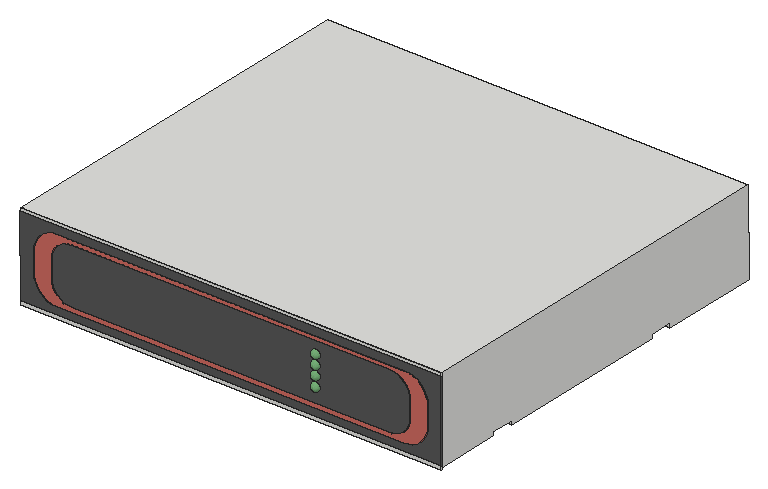
Revit family "Electronics_Controls_Biamp_Tesira_Logic-Control-and-Interface-Expander_EX-LOGIC__", category Communication Devices, host Face, Revit 2020
Family settings
  Host = Face
  Maintain Annotation Orientation = No
  Round Connector Dimension = Use Diameter
  Part Type = Normal
  OmniClass Number = 23.85.10.11.11
  OmniClass Title = Sound and Signal Devices
  Cut with Voids When Loaded = No
  Shared = No
  Room Calculation Point = No
Parameters (values of type "EX-LOGIC")
  Width = 0' - 8 1/2"
  Weight = 2.00 lbf  # constant formula
  Voltage = 0 V
  Rotation Angle [instance] = if(or([Nominal RMK-1], [Nominal RMK-2]), 0.00°, 90.00°)  # 90.00°
  Product data url = "https://www.bimobject.com/biamp/product/tesira-ex-logic_control"
  Power Factor = 1
  Offset Entourage X [instance] = if([Nominal RMK-1], 0' 4.4685", if([Nominal RMK-2], 0' 4.46063", if([Nominal UTMK-1], 0' 0", if(Nominal No mount, 0' 0", 0' 0"))))  # 0' - 0"
  UTMK-1 = UTMK-1 : UTMK-1
  URL = "https://www.biamp.com/"
  RMK-2 = RMK-2 : RMK-2
  Product Page URL = "https://www.biamp.com/products/tesira-controls#tesira-ex-logic"
  Product Documentation Link = "https://downloads.biamp.com/assets/docs/default-source/data-sheets/biamp_data_sheet_tesira_ex-logic_feb20.pdf"
  RMK-1 = RMK-1 : RMK-1
  Offset Entourage Y [instance] = if([Nominal RMK-1], 0' 3 7/8", if([Nominal RMK-2], 0' 0 125/128", if([Nominal UTMK-1], 0' 0", if(Nominal No mount, 0' 0", 0' 0"))))  # 0' - 0"
  Offset [instance] = if([Nominal RMK-1], 0' 0", if([Nominal RMK-2], 0' 0 5/64", if([Nominal UTMK-1], 0' 0 9/256", if(Nominal No mount, 0' 0", 0' 0"))))  # 0' - 0"
  Number of Poles = 1  # constant formula
  Nominal UTMK-1 [instance] = Mount Type = [UTMK-1]  # no
  Nominal RMK-2 [instance] = Mount Type = [RMK-2]  # no
  Nominal RMK-1 [instance] = Mount Type = [RMK-1]  # no
  Nominal No mount [instance] = Mount Type = No mount  # yes
  No mount = No mount : No mount
  Network Connection = "Ethernet"  # constant formula
  Mount Type [instance] = No mount : No mount
  Model = "Tesira EX-LOGIC"
  Max Power Consumption = 0 W
  Manufacturer = "Biamp"  # constant formula
  Logic Output Type = "Open Collector; Sink 40V/300mA per output"  # constant formula
  Logic Input Trigger = "Contact Closure or 5V TTL"  # constant formula
  LED Driver = "5V/10mA per output"  # constant formula
  Housing Material = Biamp - Metal - Silver
  Height = 0' - 1 3/4"
  Description = "Tesira® EX-LOGIC Logic Control and Interface Expander"  # constant formula
  Depth = 0' - 7 3/4"
  Default Elevation = 4' - 0"
  Connector Description = "PoE (IEEE 802.3at Class 1, 4W)"  # constant formula
  Compliance = "FCC Part 15B (USA); CE Marked* (Europe); RCM (Australia); EAC (Eurasian Customs Union); RoHS Directive (Europe)"  # constant formula
  Assembly Code = ""
  Apparent Load = Max Power Consumption / Power Factor  # 0 VA
Reference planes (in)
  plane 1 "Center (Front/Back)": y = 0
  plane 2: z = 0
  plane 3: x = 0
  plane 4: x = 4.25
  plane 5 "Center (Left/Right)": x = -4.25
  plane 6: y = 3.875
  plane 7: y = -3.875
  plane 8: z = 1.75
  plane 9: y = -3.875
  plane 10: y = -3.7704
  plane 11: y = 3.78125
  plane 12: z = 1.625
  plane 13 "2": z = 0
  plane 14: z = 1.50505
  plane 15: z = 0.30745
  plane 16: z = 1.37426
  plane 17: z = 0.99926
  plane 18: z = 0.88281
  plane 19: z = 0.19602
  plane 20: x = -0.84509
  plane 21: x = 3.69218
  plane 22: x = 3.30135
  plane 23: z = 0.53335
  plane 24: x = -4.70577
  plane 25: x = 13.63823
Lines and regions (in)
  symbolic lines, visible <- "Nominal RMK-1"
    curve 1: line (4.40636, -3.875, 0) -> (13.9683, -3.875, 0)
    curve 2: line (13.9683, -3.78994, 0) -> (4.40636, -3.78994, 0)
    curve 3: line (13.9683, -3.875, 0) -> (13.9683, -3.78994, 0)
  symbolic lines, visible <- "Nominal RMK-2"
    curve 4: line (13.28048, -3.7707, 0) -> (13.28048, -2.78889, 0)
    curve 5: line (13.17557, -2.78889, 0) -> (13.17557, -3.77036, 0)
    curve 6: line (13.17557, -2.78889, 0) -> (13.28048, -2.78889, 0)
    curve 7: arc (13.17557, -3.77036, 0) -> (13.21163, -3.85743, 0) -> (13.2987, -3.89349, 0) r 0.12313
    curve 8: line (13.92601, -3.78889, 0) -> (13.29794, -3.78889, 0)
    curve 9: line (13.92601, -3.89349, 0) -> (13.92601, -3.78889, 0)
    curve 10: line (13.2987, -3.89349, 0) -> (13.92601, -3.89349, 0)
    curve 11: arc (13.28048, -3.7707, 0) -> (13.28555, -3.78331, 0) -> (13.29794, -3.78889, 0) r 0.01821
  reference lines
    curve 12: line (-1.71783, -3.7704, 0) -> (-1.71783, -1.12457, 0)
Dimensions and locks (in)
  "Width": plane 5 "Center (Left/Right)" to plane 4
  equal spacing: plane 5 "Center (Left/Right)", plane 3, plane 4
  equal spacing: plane 7, plane 1 "Center (Front/Back)", plane 6
  "Depth": plane 6 to plane 7
  "Height": plane 8 to plane 13 "2"
  locked: plane 9 to plane 10 at 0.1046
  "Offset": plane 13 "2" to level
  locked: plane 16 to plane 17 at 0.375
  locked: plane 18 to plane 19 at 0.68679
  locked: plane 14 to plane 15 at 1.19761
  locked: plane 19 to plane 13 "2" at 0.19602
  locked: plane 15 to plane 13 "2" at 0.30745
  locked: plane 17 to plane 13 "2" at 0.99926
  locked: plane 12 to plane 13 "2" at 1.625
  plane 23 to plane 13 "2" = 0' - 0.53335"
  "Offset Entourage X": nested 1 to plane 3
  plane 8 to plane 13 "2" = 0' - 1 3/4"
  "Rotation Angle": angle curve 12 to plane 10
  aligned and locked: plane 2 to host face
  aligned and locked: level to host face
  aligned and locked: plane 5 "Center (Left/Right)" to nested 2
  aligned and locked: plane 4 to nested 2
  aligned and locked: plane 2 to curve 12
  aligned and locked: plane 10 to curve 12
Automatic sketch dimensions
  plane 7 to curve 1 = 0' - 0"
  curve 6 to plane 10 = 0' - 0.98151"
  curve 5 to curve 4 = 0' - 0.10491"
  curve 4 to curve 8 = 0' - 0.01746"
  plane 10 to curve 11 = 0' - 0.0003"
  curve 4 to curve 11 = 0' - 0.01821"
  curve 7 to plane 10 = 0' - 0.00004"
  curve 11 to curve 7 = 0' - 0"
  curve 7 to curve 10 = 0' - 0.62731"
  curve 9 to curve 3 = 0' - 0.04229"
  plane 10 to curve 3 = 0' - 0 5/256"
  host sketch curve to host sketch curve = 5' - 9.9283"
  host sketch curve to host sketch curve = 5' - 9.30298"
  plane 4 to curve 6 = 0' - 8.92557"
  plane 4 to curve 1 = 0' - 0.15636"
  curve 2 to curve 1 = 0' - 0"
Nested families (in)
  nested 1: "No mount" at (0, -3.875, 0), type <- "Mount Type", type "No mount"
  nested 2: "TESIRA EX" at (0, 0.06349, 0) x (-1, 0, 0) z (0, 0, 1), Offset <- "Offset", type "EX-AEC"
    with Offset 0' - 0"
Connectors (in)
  electrical at (3.14164, 3.90146, 0.57718), driven by "Number of Poles", driven by "Voltage", driven by "Apparent Load", driven by "Power Factor", driven by "Connector Description"
    settings: on nested 2, index 1, voltage 0 V, apparent load 0 VA, apparent load phase1 0 VA, apparent load phase2 0 VA, apparent load phase3 0 VA, power factor 1, load classification "Other", number of poles 1, system type 31, power factor state 1, is connector primary yes, connector utility no, sub classification motor no, connector description "PoE (IEEE 802.3at Class 1, 4W)"
  electrical at (-0.16631, 3.90146, 0.53245)
    settings: on nested 2, index 2, voltage 0 V, apparent load 0 VA, apparent load phase1 0 VA, apparent load phase2 0 VA, apparent load phase3 0 VA, power factor 1, load classification "Other", number of poles 1, system type 5, power factor state 1, is connector primary no, connector utility no, sub classification motor no, connector description "Logic I/O (x4)"
  electrical at (-1.29295, 3.90146, 0.53245)
    settings: on nested 2, index 3, voltage 0 V, apparent load 0 VA, apparent load phase1 0 VA, apparent load phase2 0 VA, apparent load phase3 0 VA, power factor 1, load classification "Other", number of poles 1, system type 5, power factor state 1, is connector primary no, connector utility no, sub classification motor no, connector description "Logic I/O (x4)"
  electrical at (-2.40389, 3.90146, 0.53245)
    settings: on nested 2, index 4, voltage 0 V, apparent load 0 VA, apparent load phase1 0 VA, apparent load phase2 0 VA, apparent load phase3 0 VA, power factor 1, load classification "Other", number of poles 1, system type 5, power factor state 1, is connector primary no, connector utility no, sub classification motor no, connector description "Logic I/O (x4)"
  electrical at (-3.52138, 3.90146, 0.53245)
    settings: on nested 2, index 5, voltage 0 V, apparent load 0 VA, apparent load phase1 0 VA, apparent load phase2 0 VA, apparent load phase3 0 VA, power factor 1, load classification "Other", number of poles 1, system type 5, power factor state 1, is connector primary no, connector utility no, sub classification motor no, connector description "Logic/VC I/O  (x4)"
  electrical at (1.66606, 3.90146, 0.57457)
    settings: on nested 2, index 6, voltage 0 V, apparent load 0 VA, apparent load phase1 0 VA, apparent load phase2 0 VA, apparent load phase3 0 VA, power factor 1, load classification "Other", number of poles 1, system type 5, power factor state 1, is connector primary no, connector utility no, sub classification motor no, connector description "Serial Control Port"
Definition of nested family "TESIRA EX"
  Parameters (values of type "EX-AEC")
    URL = "https://www.biamp.com"
    Product Page URL = "https://www.biamp.com/products/tesira-expanders#tesira-ex-aec"
    Product Documentation Link = "https://downloads.biamp.com/assets/docs/default-source/data-sheets/biamp_data_sheet_tesira_ex-in_ex-aec_ex-out_ex-io_feb20.pdf?sfvrsn=62e9f2f1_8"
    Offset [instance] = 0' - 0"
    Model = ""
    Material Case = none
    Manufacturer = ""
    Description = ""
    Default Elevation = 4' - 0"
    Assembly Code = "D5010.70"
  Reference planes (in)
    plane 1 "Center (Front/Back)": y = 0
    plane 2: z = 0
    plane 3 "Center (Left/Right)": x = 0
    plane 4: x = 4.25
    plane 5: x = -4.25
    plane 6: y = 3.875
    plane 7: y = -3.875
    plane 8: z = 1.75
    plane 9: y = -3.875
    plane 10: y = -3.75086
    plane 11: y = 3.78125
    plane 12 "1": x = -1.71783
    plane 13: y = 3.66314
    plane 14: x = -5.23425
    plane 15: z = 1.625
    plane 16: x = 5.23425
    plane 17 "2": z = 0
    plane 18: z = 1.50505
    plane 19: z = 0.30745
    plane 20: z = 1.37426
    plane 21: z = 0.99926
    plane 22: z = 0.88281
    plane 23: z = 0.19602
    plane 24: x = -0.84509
    plane 25: x = 3.69218
    plane 26: x = 3.30135
    plane 27: z = 0.53335
    plane 28: z = 0.0359
    plane 29: z = 0
  Forms (in)
    Extrusion 1, solid
      sketch origin (7.75, -5.25086, 0) x (1, 0, 0) y (0, 1, 0)
        loop
          line (-42.75, 40.25086) -> (-42.75, -29.05212) -> (27.1783, -29.05212) -> (27.1783, 40.25086) -> (-42.75, 40.25086)
      from 0 to -12
    Revolve 2, solid, detail levels fine
      sketch origin (-1.71783, 0, 0) x (0, 1, 0) y (0, 0, 1)
        loop
          line (3.875, 1.28781) -> (3.875, 1.12625)
          arc (3.875, 1.12625) -> (3.95578, 1.20703) -> (3.875, 1.28781) r 0.08078
        loop
          line (3.875, 1.0958) -> (3.875, 0.93174)
          arc (3.875, 0.93174) -> (3.95703, 1.01377) -> (3.875, 1.0958) r 0.08203
        loop
          line (3.875, 0.90124) -> (3.875, 0.73718)
          arc (3.875, 0.73718) -> (3.95703, 0.81921) -> (3.875, 0.90124) r 0.08203
        loop
          line (3.875, 0.69741) -> (3.875, 0.53335)
          arc (3.875, 0.53335) -> (3.95703, 0.61538) -> (3.875, 0.69741) r 0.08203
        axis (3.875, 1.28781) -> (3.875, 0.53335)
      angle from 270 to 450
    Extrusion 3, solid, material <- "Material Case", detail levels coarse
      sketch origin (0, 0, 0) x (-1, 0, 0) y (0, -1, 0)
        loop
          line (-4.25, 3.875) -> (-4.25, -3.875) -> (4.25, -3.875) -> (4.25, 3.875) -> (-4.25, 3.875)
      from 0.0359 to 1.75
    Extrusion 4, solid, material <- "Material Case", detail levels medium+fine
      sketch origin (0, 0, 0) x (-1, 0, 0) y (0, -1, 0)
        loop
          line (-4.25, 3.875) -> (-4.25, -3.85984) -> (4.25, -3.85984) -> (4.25, 3.875) -> (-4.25, 3.875)
      from 0.0359 to 1.75
    Extrusion 5, solid, detail levels medium+fine
      sketch origin (0, 0, 0) x (-1, 0, 0) y (0, 0, 1)
        loop
          line (-4.25, 1.69704) -> (-4.25, 0.06741) -> (4.25, 0.06741) -> (4.25, 1.69704) -> (-4.25, 1.69704)
        loop
          arc (-3.4999, 1.53477) -> (-3.84144, 1.3933) -> (-3.9829, 1.05176) r 0.48301
          line (-3.9829, 1.05176) -> (-3.9829, 0.70476)
          arc (-3.9829, 0.70476) -> (-3.84144, 0.36323) -> (-3.49991, 0.22176) r 0.483
          line (-3.49991, 0.22176) -> (3.49912, 0.22176)
          arc (3.49912, 0.22176) -> (3.84064, 0.36322) -> (3.98211, 0.70475) r 0.48299
          line (3.98211, 0.70475) -> (3.98211, 1.05176)
          arc (3.98211, 1.05176) -> (3.84064, 1.3933) -> (3.4991, 1.53477) r 0.48301
          line (3.4991, 1.53477) -> (-3.4999, 1.53477)
      from 3.85984 to 3.875
    Extrusion 6, solid, detail levels medium+fine
      sketch origin (-0.04049, 0, 0.02934) x (-1, 0, 0) y (0, 0, 1)
        loop
          line (3.45861, 1.50543) -> (-3.54039, 1.50543)
          arc (-3.54039, 1.50543) -> (-3.88193, 1.36396) -> (-4.0234, 1.02243) r 0.48301
          line (-4.0234, 1.02243) -> (-4.0234, 0.67542)
          arc (-4.0234, 0.67542) -> (-3.88193, 0.33389) -> (-3.5404, 0.19242) r 0.483
          line (-3.5404, 0.19242) -> (3.45862, 0.19242)
          arc (3.45862, 0.19242) -> (3.80015, 0.33389) -> (3.94162, 0.67542) r 0.48299
          line (3.94162, 0.67542) -> (3.94162, 1.02243)
          arc (3.94162, 1.02243) -> (3.80015, 1.36396) -> (3.45861, 1.50543) r 0.48301
        loop
          arc (-3.25038, 1.42543) -> (-3.54242, 1.30446) -> (-3.66339, 1.01242) r 0.41301
          line (-3.66339, 1.01242) -> (-3.66339, 0.68543)
          arc (-3.66339, 0.68543) -> (-3.54242, 0.39339) -> (-3.25038, 0.27242) r 0.41301
          line (-3.25038, 0.27242) -> (3.1686, 0.27242)
          arc (3.1686, 0.27242) -> (3.46065, 0.39339) -> (3.58162, 0.68543) r 0.41301
          line (3.58162, 0.68543) -> (3.58162, 1.01242)
          arc (3.58162, 1.01242) -> (3.46065, 1.30446) -> (3.16861, 1.42543) r 0.413
          line (3.16861, 1.42543) -> (-3.25038, 1.42543)
      from 3.85984 to 3.875
    Extrusion 7, solid, detail levels medium+fine
      sketch origin (-0.04049, 0, 0.02934) x (-1, 0, 0) y (0, 0, 1)
        loop
          arc (3.58162, 1.01242) -> (3.46065, 1.30446) -> (3.16861, 1.42543) r 0.413
          line (3.16861, 1.42543) -> (-3.25038, 1.42543)
          arc (-3.25038, 1.42543) -> (-3.54242, 1.30446) -> (-3.66339, 1.01242) r 0.41301
          line (-3.66339, 1.01242) -> (-3.66339, 0.68543)
          arc (-3.66339, 0.68543) -> (-3.54242, 0.39339) -> (-3.25038, 0.27242) r 0.41301
          line (-3.25038, 0.27242) -> (3.1686, 0.27242)
          arc (3.1686, 0.27242) -> (3.46065, 0.39339) -> (3.58162, 0.68543) r 0.41301
          line (3.58162, 0.68543) -> (3.58162, 1.01242)
      from 3.85984 to 3.875
    Extrusion 8, solid, material <- "Material Case", detail levels medium+fine
      sketch origin (0, 0, 0) x (-1, 0, 0) y (0, 0, 1)
        loop
          line (-4.25, 1.69704) -> (4.25, 1.69704) -> (4.25, 1.75) -> (-4.25, 1.75) -> (-4.25, 1.69704)
        loop
          line (4.25, 0.06741) -> (-4.25, 0.06741) -> (-4.25, 0) -> (4.25, 0) -> (4.25, 0.06741)
      from 3.85984 to 3.875
    Extrusion 9, void
      sketch origin (0, 0, 0) x (0, -1, 0) y (0, 0, 1)
        loop
          line (-2.57251, 0.11558) -> (-2.57251, 0) -> (-2.10251, 0) -> (-2.10251, 0.11558) -> (-2.57251, 0.11558)
      from 3.70572 to 4.25
    Extrusion 10, void
      sketch origin (0, -4, 0) x (0, -1, 0) y (0, 0, 1)
        loop
          line (-2.57251, 0.11558) -> (-2.57251, 0) -> (-2.10251, 0) -> (-2.10251, 0.11558) -> (-2.57251, 0.11558)
      from 3.70572 to 4.25
    Extrusion 11, void
      sketch origin (0, 0, 0) x (0, -1, 0) y (0, 0, -1)
        loop
          line (-2.57251, -0.11558) -> (-2.10251, -0.11558) -> (-2.10251, 0) -> (-2.57251, 0) -> (-2.57251, -0.11558)
      from 3.70572 to 4.25
    Extrusion 12, void
      sketch origin (0, -4, 0) x (0, -1, 0) y (0, 0, -1)
        loop
          line (-2.57251, -0.11558) -> (-2.10251, -0.11558) -> (-2.10251, 0) -> (-2.57251, 0) -> (-2.57251, -0.11558)
      from 3.70572 to 4.25
    Extrusion 13, void
      sketch origin (-0.07164, -7.70634, 0) x (-1, 0, 0) y (0, 0, -1)
        loop
          line (3.42, -0.85261) -> (3.42, -0.30176) -> (2.72, -0.30176) -> (2.72, -0.85261) -> (3.42, -0.85261)
        loop
          line (0.26205, -0.75745) -> (0.26205, -0.30745) -> (-0.73795, -0.30745) -> (-0.73795, -0.75745) -> (0.26205, -0.75745)
        loop
          line (-0.86459, -0.75745) -> (-0.86459, -0.30745) -> (-1.86459, -0.30745) -> (-1.86459, -0.75745) -> (-0.86459, -0.75745)
        loop
          line (-3.09302, -0.75745) -> (-3.09302, -0.30745) -> (-4.09302, -0.30745) -> (-4.09302, -0.75745) -> (-3.09302, -0.75745)
        loop
          line (-1.97553, -0.75745) -> (-1.97553, -0.30745) -> (-2.97553, -0.30745) -> (-2.97553, -0.75745) -> (-1.97553, -0.75745)
        loop
          arc (1.86429, -0.75745) -> (1.92449, -0.72611) -> (1.93335, -0.65883) r 0.07349
          line (1.93335, -0.65883) -> (1.86304, -0.46566)
          arc (1.86304, -0.46566) -> (1.83587, -0.43024) -> (1.7933, -0.41682) r 0.07422
          line (1.7933, -0.41682) -> (1.39519, -0.41682)
          arc (1.39519, -0.41682) -> (1.35262, -0.43024) -> (1.32545, -0.46566) r 0.07422
          line (1.32545, -0.46566) -> (1.2555, -0.65785)
          arc (1.2555, -0.65785) -> (1.26445, -0.7258) -> (1.32524, -0.75745) r 0.07422
          line (1.32524, -0.75745) -> (1.86429, -0.75745)
      from -3.79859 to -3.86836
  Cuts and joins
    Extrusion 9, Extrusion 10, Extrusion 11, Extrusion 12, Extrusion 13 cuts Extrusion 4
  Lines and regions (in)
    Masking region 1
      outline origin (0, 0, 0) x (1, 0, 0) y (0, 1, 0)
        loop
          line (-4.25, 3.875) -> (-4.25, -3.875) -> (4.25, -3.875) -> (4.25, 3.875) -> (-4.25, 3.875)
  Dimensions and locks (in)
    plane 5 to plane 4 = 0' - 8 1/2"
    equal spacing: plane 5, plane 3 "Center (Left/Right)", plane 4
    equal spacing: plane 7, plane 1 "Center (Front/Back)", plane 6
    plane 6 to plane 7 = 0' - 7 3/4"
    plane 8 to plane 17 "2" = 0' - 1 3/4"
    locked: plane 6 to plane 11 at 0.09375
    locked: plane 9 to plane 10 at 0.12414
    locked: plane 11 to plane 13 at 0.11811
    locked: plane 14 to plane 5 at 0.98425
    locked: plane 4 to plane 16 at 0.98425
    "Offset": plane 17 "2" to level
    locked: plane 20 to plane 21 at 0.375
    locked: plane 22 to plane 23 at 0.68679
    locked: plane 18 to plane 19 at 1.19761
    locked: plane 23 to plane 17 "2" at 0.19602
    locked: plane 19 to plane 17 "2" at 0.30745
    locked: plane 21 to plane 17 "2" at 0.99926
    locked: plane 15 to plane 17 "2" at 1.625
    plane 27 to plane 17 "2" = 0' - 0.53335"
    locked: plane 28 to plane 29 at 0.0359
    locked: plane 23 to plane 28 at 0.16012
    aligned and locked: plane 2 to Extrusion 1
    aligned and locked: level to Extrusion 1
    aligned and locked: plane 27 to Revolve 2 sketch curve
    aligned and locked: Extrusion 5 to Extrusion 4
    aligned and locked: Extrusion 8 to plane 29
    aligned and locked: plane 8 to Extrusion 4
    aligned and locked: Extrusion 4 to plane 28
    aligned and locked: Extrusion 3 to plane 28
    aligned and locked: Extrusion 5 to Extrusion 8
  Automatic sketch dimensions
    Extrusion 1 sketch curve to Extrusion 1 sketch curve = 5' - 9.9283"
    Extrusion 1 sketch curve to Extrusion 1 sketch curve = 5' - 9.30298"
    Revolve 2 sketch curve to plane 6 = 0' - 0"  (x5)
    Revolve 2 sketch curve to Revolve 2 sketch curve = 0' - 0 21/256"  (x2)
    Revolve 2 sketch curve to Revolve 2 sketch curve = 0' - 0.03977"
    Revolve 2 sketch curve to Revolve 2 sketch curve = 0' - 0.0305"
    Revolve 2 sketch curve to plane 21 = 0' - 0.01451"
    Revolve 2 sketch curve to Revolve 2 sketch curve = 0' - 0.03044"
    Revolve 2 sketch curve to Revolve 2 sketch curve = 0' - 0.08078"
    Revolve 2 sketch curve to plane 19 = 0' - 0.00874"
    plane 20 to Revolve 2 sketch curve = 0' - 0.06424"
    Extrusion 3 sketch curve to plane 4 = 0' - 0"
    Extrusion 3 sketch curve to plane 5 = 0' - 0"
    Extrusion 3 sketch curve to plane 6 = 0' - 0"
    plane 7 to Extrusion 3 sketch curve = 0' - 0"
    Extrusion 4 sketch curve to plane 4 = 0' - 0"
    Extrusion 4 sketch curve to plane 5 = 0' - 0"
    plane 7 to Extrusion 4 sketch curve = 0' - 0"
    Extrusion 4 sketch curve to plane 6 = 0' - 0.01516"
    Extrusion 5 sketch curve to plane 4 = 0' - 0"
    plane 5 to Extrusion 5 sketch curve = 0' - 0"
    Extrusion 5 sketch curve to plane 8 = 0' - 0.05296"
    Extrusion 5 sketch curve to plane 21 = 0' - 0.0525"  (x2)
    Extrusion 5 sketch curve to plane 4 = 0' - 0.2671"
    plane 25 to Extrusion 5 sketch curve = 0' - 0.19228"
    plane 25 to Extrusion 5 sketch curve = 0' - 0.19229"
    Extrusion 5 sketch curve to plane 5 = 0' - 0.7509"
    plane 23 to Extrusion 5 sketch curve = 0' - 0.02574"
    Extrusion 5 sketch curve to plane 5 = 0' - 0.75088"
    plane 28 to Extrusion 5 sketch curve = 0' - 0.03151"
    Extrusion 6 sketch curve to plane 21 = 0' - 0.0525"
    Extrusion 6 sketch curve to plane 4 = 0' - 0.2671"
    plane 25 to Extrusion 6 sketch curve = 0' - 0.06929"
    plane 23 to Extrusion 6 sketch curve = 0' - 0.02574"
    plane 25 to Extrusion 6 sketch curve = 0' - 0.19228"
    Extrusion 6 sketch curve to Extrusion 6 sketch curve = 0' - 0.123"
    Extrusion 6 sketch curve to plane 26 = 0' - 0.09146"  (x2)
    Extrusion 6 sketch curve to plane 21 = 0' - 0.04249"
    plane 19 to Extrusion 6 sketch curve = 0' - 0.00569"
    Extrusion 6 sketch curve to plane 5 = 0' - 1.0409"
    Extrusion 6 sketch curve to Extrusion 6 sketch curve = 0' - 0"
    Extrusion 6 sketch curve to Extrusion 6 sketch curve = 0' - 0.29"
    Extrusion 6 sketch curve to Extrusion 6 sketch curve = 0' - 0.29002"
    Extrusion 6 sketch curve to Extrusion 6 sketch curve = 0' - 0.12299"
    Extrusion 6 sketch curve to plane 27 = 0' - 0.1714"
    plane 25 to Extrusion 7 sketch curve = 0' - 0.06929"
    Extrusion 7 sketch curve to plane 21 = 0' - 0.04249"
    Extrusion 7 sketch curve to plane 26 = 0' - 0.09146"  (x2)
    plane 19 to Extrusion 7 sketch curve = 0' - 0.00569"
    plane 22 to Extrusion 7 sketch curve = 0' - 0.16805"
    Extrusion 7 sketch curve to plane 5 = 0' - 1.0409"
    Extrusion 7 sketch curve to Extrusion 7 sketch curve = 0' - 0.413"
    Extrusion 8 sketch curve to plane 4 = 0' - 0"  (x2)
    plane 5 to Extrusion 8 sketch curve = 0' - 0"  (x2)
    level to Extrusion 8 sketch curve = 0' - 0"
    Extrusion 8 sketch curve to plane 8 = 0' - 0"
    plane 28 to Extrusion 8 sketch curve = 0' - 0.03151"
    Extrusion 8 sketch curve to plane 8 = 0' - 0.05296"
    Extrusion 9 sketch curve to level = 0' - 0"
    plane 28 to Extrusion 9 sketch curve = 0' - 0.07968"
    Extrusion 9 sketch curve to plane 13 = 0' - 1.09063"
    Extrusion 9 sketch curve to Extrusion 9 sketch curve = 0' - 0.47"
    Extrusion 10 sketch curve to level = 0' - 0"
    plane 28 to Extrusion 10 sketch curve = 0' - 0.07968"
    plane 1 "Center (Front/Back)" to Extrusion 10 sketch curve = 0' - 1.42749"
    Extrusion 10 sketch curve to Extrusion 10 sketch curve = 0' - 0.47"
    Extrusion 11 sketch curve to level = 0' - 0"
    plane 28 to Extrusion 11 sketch curve = 0' - 0.07968"
    Extrusion 11 sketch curve to plane 13 = 0' - 1.09063"
    Extrusion 11 sketch curve to Extrusion 11 sketch curve = 0' - 0.47"
    Extrusion 12 sketch curve to level = 0' - 0"
    plane 28 to Extrusion 12 sketch curve = 0' - 0.07968"
    plane 1 "Center (Front/Back)" to Extrusion 12 sketch curve = 0' - 1.42749"
    Extrusion 12 sketch curve to Extrusion 12 sketch curve = 0' - 0.47"
    Masking region 1 sketch curve to plane 5 = 0' - 0"
    Masking region 1 sketch curve to plane 4 = 0' - 0"
    plane 7 to Masking region 1 sketch curve = 0' - 0"
    Masking region 1 sketch curve to plane 6 = 0' - 0"
    Extrusion 13 sketch curve to plane 19 = 0' - 0"  (x4)
    Extrusion 13 sketch curve to plane 4 = 0' - 0.22862"
    plane 22 to Extrusion 13 sketch curve = 0' - 0.12536"  (x4)
    Extrusion 13 sketch curve to plane 26 = 0' - 0.27997"
    Extrusion 13 sketch curve to Extrusion 13 sketch curve = 0' - 0.11749"
    Extrusion 13 sketch curve to Extrusion 13 sketch curve = 0' - 1"
    Extrusion 13 sketch curve to Extrusion 13 sketch curve = 0' - 0.11094"
    plane 3 "Center (Left/Right)" to Extrusion 13 sketch curve = 0' - 0 203/256"
    Extrusion 13 sketch curve to Extrusion 13 sketch curve = 0' - 0.12664"
    Extrusion 13 sketch curve to plane 3 "Center (Left/Right)" = 0' - 0.33369"
    Extrusion 13 sketch curve to plane 27 = 0' - 0.1245"
    plane 12 "1" to Extrusion 13 sketch curve = 0' - 0.39069"
    plane 27 to Extrusion 13 sketch curve = 0' - 0.0677"  (x2)
    Extrusion 13 sketch curve to Extrusion 13 sketch curve = 0' - 0.06995"
    Extrusion 13 sketch curve to Extrusion 13 sketch curve = 0' - 0.06974"  (x3)
    Extrusion 13 sketch curve to plane 19 = 0' - 0 7/64"
    Extrusion 13 sketch curve to plane 12 "1" = 0' - 0.1471"
    Extrusion 13 sketch curve to plane 12 "1" = 0' - 0.2181"
    Extrusion 13 sketch curve to plane 27 = 0' - 0.12547"
    Extrusion 13 sketch curve to Extrusion 13 sketch curve = 0' - 0.06906"
    plane 19 to Extrusion 13 sketch curve = 0' - 0.00569"
    Extrusion 13 sketch curve to Extrusion 13 sketch curve = 0' - 0.78665"
    Extrusion 13 sketch curve to Extrusion 13 sketch curve = 0' - 0.70001"
    plane 22 to Extrusion 13 sketch curve = 0' - 0.03021"
    Extrusion 13 sketch curve to Extrusion 13 sketch curve = 0' - 0"
Definition of nested family "No mount"
  Parameters (values of type "No mount")
    Material Plenum Box = none
    Height = 1' - 0"
    Default Elevation = 4' - 0"
  Reference planes (in)
    plane 1 "Center (Front/Back)": y = 0
    plane 2: z = 0
    plane 3 "Center (Left/Right)": x = 0
    plane 4: x = -6
    plane 5: x = 6
    plane 6: y = 6
    plane 7: y = -6
    plane 8: z = 4.11483
    plane 9: z = 4.6
    plane 10: y = 4.65
    plane 11: y = -4.65
    plane 12: x = -4.525
    plane 13: x = 4.525
  Dimensions and locks (in)
    equal spacing: plane 4, plane 3 "Center (Left/Right)", plane 5
    equal spacing: plane 6, plane 1 "Center (Front/Back)", plane 7
    plane 4 to plane 5 = 1' - 0"
    "Height": plane 6 to plane 7
    plane 8 to level = 0' - 4.11483"
    plane 9 to plane 8 = 0' - 0.48517"
    equal spacing: plane 10, plane 1 "Center (Front/Back)", plane 11
    equal spacing: plane 12, plane 3 "Center (Left/Right)", plane 13
    aligned and locked: plane 2 to level
